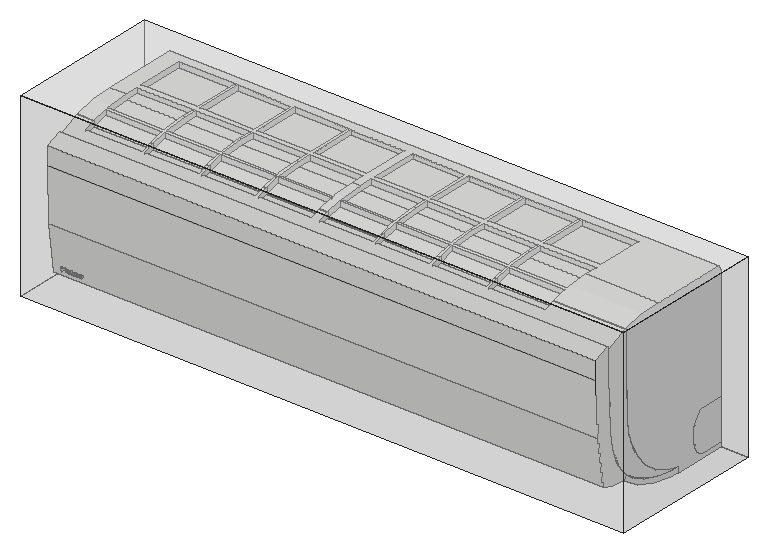
Revit family "outputfile", category 機械設備, Revit 2024
Family settings
  丸型コネクタ寸法 = 半径を使用
  パーツ タイプ = 標準
  OmniClass 番号 = 23.75.10.24.21.27.27
  OmniClass タイトル = Split System Air Conditioning Units
  作業面ベース = いいえ
  常に垂直 = はい
  ロード時にボイドで切り取り = いいえ
  注釈の向きを維持 = いいえ
  共有 = いいえ
  部屋計算ポイント = いいえ
Parameters (values of type "FTHF60VAVMV")
  Description = ""
  書き出し IFC クラス(タイプ) = "IfcUnitaryEquipmentType"
  定義済み IFC タイプ(タイプ) = "AIRCONDITIONINGUNIT"
  Cost = 0
  Type Comments = ""
  Keynote = ""
  Type Image = (empty or 0)
  Assembly Code = ""
  w_wall hole = 60.0 mm  # constant formula
  製造元 = "Daikin"
  モデル = "FTHF60VAVMV"
  switch_frequency = yes
  r_Liquid Pipe Size = Liquid Pipe Size / 2  # 3.2 mm
  r_Gas Pipe Size = Gas Pipe Size / 2  # 6.35 mm
  r_Drain Pipe Size = Drain Pipe Size / 2  # 8.0 mm
  lw_powersupply [instance] = if(or(Rear Right Connection_refrigerant, Bottom Right Connection_refrigerant), 80.0 mm, if(or(Rear Left Connection_refrigerant, Bottom Left Connection_refrigerant), 920.0 mm, 495.0 mm))  # 495.0 mm
  lw_liquidpipe [instance] = if(or(Rear Right Connection_refrigerant, Bottom Right Connection_refrigerant), 9.0 mm, if(or(Rear Left Connection_refrigerant, Bottom Left Connection_refrigerant), 871.0 mm, 475.0 mm))  # 475.0 mm
  lw_gaspipe [instance] = if(or(Rear Right Connection_refrigerant, Bottom Right Connection_refrigerant), 0.0 mm, if(or(Rear Left Connection_refrigerant, Bottom Left Connection_refrigerant), 880.0 mm, 400.0 mm))  # 400.0 mm
  lw_drainpipe [instance] = if(or(Rear Right Connection_refrigerant, Bottom Right Connection_refrigerant), 0.0 mm, if(or(Rear Left Connection_refrigerant, Bottom Left Connection_refrigerant), 880.0 mm, 435.0 mm))  # 435.0 mm
  l_powersupply_length [instance] = if(Right Connection_refrigerant, 495.0 mm, if(Left Connection_refrigerant, 495.0 mm, if(or(Rear Left Connection_refrigerant, Rear Right Connection_refrigerant), 15.0 mm, 50.0 mm)))  # 495.0 mm
  l_liquidpipe_length [instance] = if(Right Connection_refrigerant, 535.0 mm, if(Left Connection_refrigerant, 455.0 mm, if(or(Rear Left Connection_refrigerant, Rear Right Connection_refrigerant), 30.0 mm, 40.0 mm)))  # 535.0 mm
  l_gaspipe_length [instance] = if(Right Connection_refrigerant, 460.0 mm, if(Left Connection_refrigerant, 530.0 mm, if(or(Rear Left Connection_refrigerant, Rear Right Connection_refrigerant), 40.0 mm, 50.0 mm)))  # 460.0 mm
  l_drainpipe_length [instance] = if(Right Connection_refrigerant, 495.0 mm, if(Left Connection_refrigerant, 495.0 mm, if(or(Rear Left Connection_refrigerant, Rear Right Connection_refrigerant), 15.0 mm, 20.0 mm)))  # 495.0 mm
  h*** = 0.0 mm  # constant formula
  connector_voltage = Voltage_50Hz  # 230 V
  connector_powerinput = if([Power Input (Cooling)] > [Power Input (Heating)], [Power Input (Cooling)], [Power Input (Heating)])  # 0.000 kW
  connector_phase = Phase_50Hz  # 1
  angle_vertical [instance] = if(or(Bottom Left Connection_refrigerant, Bottom Right Connection_refrigerant), 0.00°, 90.00°)  # 90.00°
  angle_horizontal [instance] = if(Right Connection_refrigerant, 90.00°, if(Left Connection_refrigerant, -90.00°, if(or(Rear Left Connection_refrigerant, Rear Right Connection_refrigerant), 180.00°, 0.00°)))  # 90.00°
  Width = 990.0 mm
  Voltage_comment_50Hz = "220 - 240"
  Voltage_50Hz = 230 V
  Version = "ver.1.0"
  Unit Type = "Wall Mounted"
  Unit Mass Weight = 13.00 kg
  Unit Designation [instance] = ""
  Uniclass2015Version = "Products v1.30"
  Uniclass2015Title = "Split coil room air conditioning units"
  Uniclass2015Code = "Pr_70_65_03_86"
  URL = ""
  Total Heating Capacity [instance] = 0.000 kW
  Total Cooling Capacity [instance] = 0.000 kW
  Sound Pressure Level_M speed (dBA) = 41
  Sound Pressure Level_L speed (dBA) = 36
  Sound Pressure Level_H speed (dBA) = 44
  Sound Power Level_H speed (dB) = 0
  Series = "Single Split_Fan Coil Unit"
  Sensible Cooling Capacity [instance] = 0.000 kW
  Refrigerant Type = "R32"
  Power Input (Heating) = 0.000 kW
  Power Input (Cooling) = 0.000 kW
  Phase_50Hz = 1
  Option Accessory 3 [instance] = ""
  Option Accessory 2 [instance] = ""
  Option Accessory 1 [instance] = ""
  Nominal Heating Capacity = 6.000 kW
  Nominal Cooling Capacity = 6.000 kW
  Minimum Circuit Amps_50Hz = 0.0 A
  Minimum Airflow = 750.00 m³/h
  Median Airflow = 900.00 m³/h
  Maximum Fuse Amps_50Hz = 0.0 A
  Maximum Airflow = 1030.00 m³/h
  Material_Casing = DAIKIN_White_Casing_indoorunit
  Load Classification = HVAC
  Liquid Pipe Size = 6.4 mm
  Link_Nested Family [instance] = ""
  IfcVersion = ""
  IfcExportType = "AIRCONDITIONINGUNIT"
  IfcExportAs = "IfcUnitaryEquipmentType"
  Height = 295.0 mm
  Heating Entering Wet Bulb Temperature [instance] = -273.15 °C
  Heating Entering Dry Bulb Temperature [instance] = -273.15 °C
  Heating Ambient Wet Bulb Temperature [instance] = -273.15 °C
  Heating Ambient Dry Bulb Temperature [instance] = -273.15 °C
  Heat Exchanger Type = "Cross Fin Coil"
  Gas Pipe Size = 12.7 mm
  Frequency_50Hz = 50 Hz
  Fan Type = "Cross Flow Fan"
  Fan Drive = "Direct Drive"
  FCU Tag No. [instance] = ""
  Drain Pipe Size = 16.0 mm
  Design Supply Airflow [instance] = 0.00 m³/h
  Depth = 281.0 mm
  既定の高さ = 0.0 mm
  Cooling Entering Wet Bulb Temperature [instance] = 0.00 °C
  Cooling Entering Dry Bulb Temperature [instance] = 0.00 °C
  Cooling Ambient Wet Bulb Temperature [instance] = 0.00 °C
  Cooling Ambient Dry Bulb Temperature [instance] = 0.00 °C
  Clearance visibility [instance] = yes
  Clearance Top = 30.0 mm
  Clearance Right = 50.0 mm
  Clearance Rear = 0.0 mm
  Clearance Left = 50.0 mm
  Clearance Front = 0.0 mm
  Clearance Bottom = 0.0 mm
  Bottom Right Connection_refrigerant [instance] = no
  Bottom Left Connection_refrigerant [instance] = no
  Rear Right Connection_refrigerant [instance] = no
  Rear Left Connection_refrigerant [instance] = no
  Right Connection_refrigerant [instance] = yes
  Left Connection_refrigerant [instance] = no
Reference planes
  plane 1 "Back": y = 0
  plane 2: z = 0
  plane 3 "Center (Left/Right)": x = 0
  plane 4 "Center (Front/Back)": y = -140.5
  plane 5 "Front": y = -281
  plane 6 "Left": x = -495
  plane 7 "Right": x = 495
  plane 8 "Top": z = 0
  plane 9 "Bottom": z = -295
  plane 10: x = -545
  plane 11: x = 545
  plane 12: y = 0
  plane 13: y = -281
  plane 14: z = 30
  plane 15: z = -295
  plane 16 "lw_Piping and Wiring intake": x = 435
  plane 17 "lw_gaspipe": x = 35
  plane 18 "lw_liquidpipe": x = -40
  plane 19 "lw_drainpipe": x = 0
  plane 20 "lh_drainpipe": z = -275
  plane 21 "lh_liquidpipe": z = -255
  plane 22 "lh_gaspipe": z = -245
  plane 23 "ld_drainpipe": y = -15
  plane 24 "ld_liquidpipe": y = -30
  plane 25 "ld_gaspipe": y = -40
  plane 26 "lw_powersupply": x = 0
Dimensions and locks
  equal spacing: plane 6 "Left", plane 3 "Center (Left/Right)", plane 7 "Right"
  "Width": plane 6 "Left" to plane 7 "Right"
  equal spacing: plane 5 "Front", plane 4 "Center (Front/Back)", plane 1 "Back"
  "Depth": plane 5 "Front" to plane 1 "Back"
  "Height": plane 8 "Top" to plane 9 "Bottom"
  "Clearance Rear": plane 12 to plane 1 "Back"
  "Clearance Front": plane 13 to plane 5 "Front"
  "Clearance Top": plane 14 to plane 8 "Top"
  "Clearance Bottom": plane 9 "Bottom" to plane 15
  "w_wall hole": plane 16 "lw_Piping and Wiring intake" to plane 7 "Right"
  "lw_gaspipe": plane 17 "lw_gaspipe" to plane 16 "lw_Piping and Wiring intake"
  "lw_liquidpipe": plane 18 "lw_liquidpipe" to plane 16 "lw_Piping and Wiring intake"
  "lw_drainpipe": plane 19 "lw_drainpipe" to plane 16 "lw_Piping and Wiring intake"
  locked: plane 20 "lh_drainpipe" to plane 9 "Bottom" at 20
  locked: plane 21 "lh_liquidpipe" to plane 9 "Bottom" at 40
  locked: plane 22 "lh_gaspipe" to plane 9 "Bottom" at 50
  locked: plane 23 "ld_drainpipe" to plane 1 "Back" at 15
  locked: plane 1 "Back" to plane 24 "ld_liquidpipe" at 30
  locked: plane 1 "Back" to plane 25 "ld_gaspipe" at 40
  "lw_powersupply": plane 26 "lw_powersupply" to plane 7 "Right"
  "Clearance Right": plane 7 "Right" to plane 11
  "Clearance Left": plane 10 to plane 6 "Left"
  aligned and locked: level to plane 2
  aligned and locked: plane 12 to nested 1
  aligned and locked: nested 1 to plane 13
  aligned and locked: plane 10 to nested 1
  aligned and locked: plane 11 to nested 1
  aligned and locked: plane 15 to nested 1
  aligned and locked: plane 14 to nested 1
  aligned and locked: plane 17 "lw_gaspipe" to nested 2
  aligned and locked: nested 2 to plane 25 "ld_gaspipe"
  aligned and locked: plane 18 "lw_liquidpipe" to nested 3
  aligned and locked: nested 3 to plane 24 "ld_liquidpipe"
  aligned and locked: plane 19 "lw_drainpipe" to nested 4
  aligned and locked: nested 4 to plane 23 "ld_drainpipe"
  aligned and locked: nested 5 to plane 23 "ld_drainpipe"
  aligned and locked: plane 26 "lw_powersupply" to nested 5
  aligned and locked: level to plane 8 "Top"
  aligned and locked: plane 3 "Center (Left/Right)" to nested 6
  aligned and locked: plane 8 "Top" to nested 6
  aligned and locked: plane 1 "Back" to nested 6
Nested families
  nested 1: "daikin_clearancespace" at (0, -140.5, -132.381), show <- "Clearance visibility", visible <- "Clearance visibility", Link_Nested Family <- "Link_Nested Family", type "daikin_clearancespace"
    with width 1090.0 mm, show yes, height 325.0 mm, depth 281.0 mm, Link_Nested Family ""
  nested 2: "daikin_connector_rotate3" at (35, -40, -245), angle_vertical <- "angle_vertical", angle_horizontal <- "angle_horizontal", length <- "l_gaspipe_length", radius <- "r_Gas Pipe Size", type "daikin_connector_rotate3"
    with show no, radius 6.35 mm, length 460.0 mm, angle_vertical 90.00°, angle_horizontal 90.00°
  nested 3: "daikin_connector_rotate3" at (-40, -30, -255), angle_vertical <- "angle_vertical", angle_horizontal <- "angle_horizontal", radius <- "r_Liquid Pipe Size", length <- "l_liquidpipe_length", type "daikin_connector_rotate3"
    with show no, radius 3.2 mm, length 535.0 mm, angle_vertical 90.00°, angle_horizontal 90.00°
  nested 4: "daikin_connector_rotate3" at (0, -15, -275), angle_vertical <- "angle_vertical", angle_horizontal <- "angle_horizontal", length <- "l_drainpipe_length", radius <- "r_Drain Pipe Size", type "daikin_connector_rotate3"
    with show no, radius 8.0 mm, length 495.0 mm, angle_vertical 90.00°, angle_horizontal 90.00°
  nested 5: "daikin_connector_rotate3" at (0, -15, -245), angle_vertical <- "angle_vertical", angle_horizontal <- "angle_horizontal", length <- "l_powersupply_length", type "daikin_connector_rotate3"
    with show no, radius 10.0 mm, length 495.0 mm, angle_vertical 90.00°, angle_horizontal 90.00°
  nested 6: "DAIKIN_indoorunit_FTHF-VAVMV" at (-31, 0, 0), type "FTHF-VAVMV"
Connectors
  piping at (495, -40, -245), diameter 12.7, driven by "r_Gas Pipe Size"
    settings: on nested 2, index 1, connector inside diameter 609.6 mm, connector length 0.0 mm, flow factor 0, pipe flow 0.00 m³/h, pressure drop 0.0 Pa, fitting loss kfactor 0, connector angle 0.00°, fixture units 0, engagement length 0.0 mm, angle of deflection 0.00°, flow configuration 1, flow direction 2, fitting loss method 0, system type 29, joint type 0, gender type 0, connector reference index -1, connector utility 0, adjustable connector no, is connector primary yes, connector description "Refrigerant Gas Piping"
  piping at (495, -30, -255), diameter 6.4, driven by "r_Liquid Pipe Size"
    settings: on nested 3, index 2, connector inside diameter 609.6 mm, connector length 0.0 mm, flow factor 0, pipe flow 0.00 m³/h, pressure drop 0.0 Pa, fitting loss kfactor 0, connector angle 0.00°, fixture units 0, engagement length 0.0 mm, angle of deflection 0.00°, flow configuration 1, flow direction 1, fitting loss method 0, system type 29, joint type 0, gender type 0, connector reference index -1, connector utility 0, adjustable connector no, is connector primary no, connector description "Refrigerant Liquid Piping"
  piping at (495, -15, -275), diameter 16, driven by "r_Drain Pipe Size"
    settings: on nested 4, index 3, connector inside diameter 609.6 mm, connector length 0.0 mm, flow factor 0, pipe flow 0.00 m³/h, pressure drop 0.0 Pa, fitting loss kfactor 0, connector angle 0.00°, fixture units 0, engagement length 0.0 mm, angle of deflection 0.00°, flow configuration 1, flow direction 2, fitting loss method 4, system type 16, joint type 0, gender type 0, connector reference index -1, connector utility 0, adjustable connector no, is connector primary no, connector description "Condensate Drain Piping"
  electrical at (495, -15, -245), driven by "Load Classification", driven by "connector_phase", driven by "connector_powerinput", driven by "connector_voltage"
    settings: on nested 5, index 4, voltage 230 V, apparent load 0 VA, apparent load phase1 0 VA, apparent load phase2 0 VA, apparent load phase3 0 VA, power factor 1, load classification "HVAC", number of poles 1, system type 30, power factor state 1, is connector primary yes, connector utility no, sub classification motor no, connector description "Power Supply"
Definition of nested family "daikin_clearancespace"
  Parameters (values of type "daikin_clearancespace")
    Description = "daikin_clearancespace"
    width [instance] = 1823.963 mm
    show [instance] = yes
    material = none
    height [instance] = 1359.762 mm
    depth [instance] = 880.0 mm
    Default Elevation = 0.0 mm
    Link_Nested Family [instance] = ""
  Reference planes
    plane 1 "Center (Front/Back)": y = 0
    plane 2 "Center (Elevation)": z = -0.119
    plane 3 "Center (Left/Right)": x = 0
    plane 4: y = 440
    plane 5: y = -440
    plane 6 "Right": x = 911.982
    plane 7 "Left": x = -911.982
    plane 8 "Top": z = 679.762
    plane 9 "Bottom": z = -680
  Forms (mm)
    Extrusion 1, solid, material <- "material", visible <- "show"
      sketch origin (0, 0, 0) x (1, 0, 0) y (0, 1, 0)
        loop
          line (-911.982, 440) -> (-911.982, -440) -> (911.982, -440) -> (911.982, 440) -> (-911.982, 440)
      from -680 to 679.762
  Lines and regions (mm)
    symbolic lines, visible <- "show"
      curve 1: line (911.982, 440, 0) -> (-911.982, 440, 0)
      curve 2: line (-911.982, 440, 0) -> (-911.982, -440, 0)
      curve 3: line (-911.982, -440, 0) -> (911.982, -440, 0)
      curve 4: line (911.982, -440, 0) -> (911.982, 440, 0)
      curve 5: line (911.982, 0, 679.762) -> (-911.982, 0, 679.762)
      curve 6: line (911.982, 0, -680) -> (911.982, 0, 679.762)
      curve 7: line (-911.982, 0, -680) -> (911.982, 0, -680)
      curve 8: line (-911.982, 0, 679.762) -> (-911.982, 0, -680)
      curve 9: line (0, 440, 679.762) -> (0, -440, 679.762)
      curve 10: line (0, -440, 679.762) -> (0, -440, -680)
      curve 11: line (0, 440, -680) -> (0, 440, 679.762)
      curve 12: line (0, -440, -680) -> (0, 440, -680)
  Dimensions and locks
    "width": plane 7 "Left" to plane 6 "Right"
    "depth": plane 4 to plane 5
    "height": plane 8 "Top" to plane 9 "Bottom"
    equal spacing: plane 7 "Left", plane 3 "Center (Left/Right)", plane 6 "Right"
    equal spacing: plane 4, plane 1 "Center (Front/Back)", plane 5
    equal spacing: plane 8 "Top", plane 2 "Center (Elevation)", plane 9 "Bottom"
    aligned and locked: level to plane 2 "Center (Elevation)"
    aligned and locked: Extrusion 1 sketch curve to plane 4
    aligned and locked: plane 7 "Left" to Extrusion 1 sketch curve
    aligned and locked: Extrusion 1 sketch curve to plane 5
    aligned and locked: Extrusion 1 sketch curve to plane 6 "Right"
    aligned and locked: plane 8 "Top" to Extrusion 1
    aligned and locked: curve 1 to Extrusion 1
    aligned and locked: curve 2 to Extrusion 1
    aligned and locked: curve 3 to Extrusion 1
    aligned and locked: curve 4 to Extrusion 1
    aligned and locked: curve 5 to Extrusion 1
    aligned and locked: curve 6 to Extrusion 1
    aligned and locked: curve 7 to Extrusion 1
    aligned and locked: curve 8 to Extrusion 1
    aligned and locked: curve 9 to Extrusion 1
    aligned and locked: curve 10 to Extrusion 1
    aligned and locked: curve 11 to Extrusion 1
    aligned and locked: curve 12 to Extrusion 1
    aligned and locked: Extrusion 1 to plane 9 "Bottom"
Definition of nested family "DAIKIN_indoorunit_FTHF-VAVMV"
  Parameters (values of type "FTHF-VAVMV")
    Width = 990.0 mm
    Material_Casing = none
    Height = 295.0 mm
    Default Elevation = 0.0 mm
  Reference planes
    plane 1 "Center (Front/Back)": y = 0
    plane 2 "reference_level": z = 0
    plane 3 "Center (Left/Right)": x = 31
    plane 4: x = -464
    plane 5: x = 526
    plane 6: y = -281
    plane 7: z = -295
  Forms (mm)
    Extrusion 1, solid, material <- "Material_Casing"
      sketch origin (31, 0, 0) x (0, 1, 0) y (0, 0, 1)
        loop
          line (-219.505, -253.208) -> (-214.063, -245.993)
          arc (-214.063, -245.993) -> (-226.305, -232.688) -> (-235.972, -217.41) r 100.737
          arc (-235.972, -217.41) -> (-246.359, -189.681) -> (-251.069, -160.448) r 149.292
          arc (-251.069, -160.448) -> (-253.267, -112.746) -> (-254, -65) r 1555.387
          line (-254, -65) -> (-254, -22.209) -> (-280.96, -32.522) -> (-281, -65.309)
          arc (-281, -65.309) -> (-280.275, -112.896) -> (-278.119, -160.439) r 1582.495
          arc (-278.119, -160.439) -> (-274.11, -202.042) -> (-267, -243.228) r 558.201
          arc (-267, -243.228) -> (-249.058, -250.67) -> (-229.801, -253.208) r 74.313
          line (-229.801, -253.208) -> (-219.505, -253.208)
      from -495 to 495
    Extrusion 2, solid, material <- "Material_Casing"
      sketch origin (31, 0, 0) x (0, 1, 0) y (0, 0, 1)
        loop
          arc (-100.5, -284.747) -> (-179.919, -239.801) -> (-212.343, -154.5) r 134.438
          arc (-212.343, -154.5) -> (-213.586, -109.758) -> (-214, -65) r 2418.229
          line (-214, -65) -> (-214, -20.481)
          arc (-214, -20.481) -> (-233.83, -27.507) -> (-253, -36.176) r 250
          line (-253, -36.176) -> (-253, -65)
          arc (-253, -65) -> (-252.267, -112.716) -> (-250.07, -160.386) r 1554.382
          arc (-250.07, -160.386) -> (-245.365, -189.53) -> (-234.983, -217.165) r 148.387
          arc (-234.983, -217.165) -> (-218.057, -240.73) -> (-195.079, -258.444) r 100
          arc (-195.079, -258.444) -> (-149.468, -277.868) -> (-100.5, -285.595) r 201.939
          line (-100.5, -285.595) -> (-100.5, -284.747)
      from -495 to 495
    Extrusion 3, solid, material <- "Material_Casing"
      sketch origin (31, 0, 0) x (0, 1, 0) y (0, 0, 1)
        loop
          arc (-214, -65) -> (-213.586, -109.758) -> (-212.343, -154.5) r 2418.229
          arc (-212.343, -154.5) -> (-178.254, -241.703) -> (-95.5, -285.502) r 134.438
          line (-95.5, -285.502) -> (-95.5, -295) -> (0, -295) -> (0, -9) -> (-140.5, -9)
          arc (-140.5, -9) -> (-177.696, -11.888) -> (-214, -20.481) r 241
          line (-214, -20.481) -> (-214, -65)
      from -495 to 495
    Extrusion 4, solid, material <- "Material_Casing"
      sketch origin (31, 0, 0) x (0, 1, 0) y (0, 0, 1)
        loop
          line (-213.317, -246.664) -> (-219.196, -254.466)
          arc (-219.196, -254.466) -> (-168.535, -282.168) -> (-112.23, -294.964) r 209.168
          arc (-112.23, -294.964) -> (-111.806, -294.991) -> (-111.381, -295) r 10
          line (-111.381, -295) -> (-96.5, -295) -> (-96.5, -286) -> (-111.136, -286)
          arc (-111.136, -286) -> (-154.838, -277.36) -> (-195.568, -259.316) r 201.22
          arc (-195.568, -259.316) -> (-204.785, -253.47) -> (-213.317, -246.664) r 101
      from 445 to 495
    Extrusion 5, solid, material <- "Material_Casing"
      sketch origin (-464, 2327.908, 1200) x (0, 1, 0) y (0, 0, 1)
        loop
          line (-2541.225, -1446.664) -> (-2547.104, -1454.466)
          arc (-2547.104, -1454.466) -> (-2496.443, -1482.168) -> (-2440.138, -1494.964) r 209.168
          arc (-2440.138, -1494.964) -> (-2439.714, -1494.991) -> (-2439.289, -1495) r 10
          line (-2439.289, -1495) -> (-2424.408, -1495) -> (-2424.408, -1486) -> (-2439.044, -1486)
          arc (-2439.044, -1486) -> (-2482.746, -1477.36) -> (-2523.476, -1459.316) r 201.22
          arc (-2523.476, -1459.316) -> (-2532.693, -1453.47) -> (-2541.225, -1446.664) r 101
      from 0 to 45
    Extrusion 6, solid, material <- "Material_Casing"
      sketch origin (31, 0, 0) x (0, 1, 0) y (0, 0, 1)
        loop
          line (-213.317, -246.664) -> (-219.196, -254.466)
          arc (-219.196, -254.466) -> (-168.535, -282.168) -> (-112.23, -294.964) r 209.168
          arc (-112.23, -294.964) -> (-111.806, -294.991) -> (-111.381, -295) r 10
          line (-111.381, -295) -> (-96.5, -295) -> (-96.5, -286) -> (-111.136, -286)
          arc (-111.136, -286) -> (-154.838, -277.36) -> (-195.568, -259.316) r 201.22
          arc (-195.568, -259.316) -> (-204.785, -253.47) -> (-213.317, -246.664) r 101
      from 348 to 444
    Extrusion 7, solid, material <- "Material_Casing"
      sketch origin (31, 0, 0) x (0, 1, 0) y (0, 0, 1)
        loop
          line (-213.317, -246.664) -> (-219.196, -254.466)
          arc (-219.196, -254.466) -> (-180.878, -277.039) -> (-138.653, -291) r 209.168
          line (-138.653, -291) -> (-132.632, -283.01)
          arc (-132.632, -283.01) -> (-165.097, -273.811) -> (-195.568, -259.316) r 201.22
          arc (-195.568, -259.316) -> (-204.785, -253.47) -> (-213.317, -246.664) r 101
      from -442 to 343
    Extrusion 8, solid, material <- "Material_Casing"
      sketch origin (31, 0, 0) x (0, 1, 0) y (0, 0, 1)
        loop
          arc (-214, -11.049) -> (-233.83, -18.074) -> (-253, -26.743) r 250
          line (-253, -26.743) -> (-253, -36.176)
          arc (-253, -36.176) -> (-233.83, -27.507) -> (-214, -20.481) r 250
          line (-214, -20.481) -> (-214, -11.049)
      from -495 to 495
    Extrusion 9, solid, material <- "Material_Casing"
      sketch origin (31, 0, 0) x (0, 1, 0) y (0, 0, 1)
        loop
          arc (-140.5, 0) -> (-177.663, -2.778) -> (-214, -11.049) r 250
          line (-214, -11.049) -> (-214, -20.481)
          arc (-214, -20.481) -> (-177.696, -11.888) -> (-140.5, -9) r 241
          line (-140.5, -9) -> (0, -9) -> (-5, 0) -> (-140.5, 0)
      from -495 to 495
    Extrusion 10, void
      sketch origin (0, 0, 0) x (1, 0, 0) y (0, 1, 0)
        loop
          line (-434.288, -22.7) -> (-434.288, -107.9) -> (-332.288, -107.9) -> (-332.288, -22.7) -> (-434.288, -22.7)
        loop
          line (-332.288, -116.9) -> (-434.288, -116.9) -> (-434.288, -183.4) -> (-332.288, -183.4) -> (-332.288, -116.9)
        loop
          line (-332.288, -187.9) -> (-434.288, -187.9) -> (-434.288, -231.9) -> (-332.288, -231.9) -> (-332.288, -187.9)
        loop
          line (-328.088, -22.7) -> (-328.088, -107.9) -> (-229.888, -107.9) -> (-229.888, -22.7) -> (-328.088, -22.7)
        loop
          line (-229.888, -116.9) -> (-328.088, -116.9) -> (-328.088, -183.4) -> (-229.888, -183.4) -> (-229.888, -116.9)
        loop
          line (-229.888, -187.9) -> (-328.088, -187.9) -> (-328.088, -231.9) -> (-229.888, -231.9) -> (-229.888, -187.9)
        loop
          line (-225.688, -22.7) -> (-225.688, -107.9) -> (-127.488, -107.9) -> (-127.488, -22.7) -> (-225.688, -22.7)
        loop
          line (-127.488, -116.9) -> (-225.688, -116.9) -> (-225.688, -183.4) -> (-127.488, -183.4) -> (-127.488, -116.9)
        loop
          line (-127.488, -187.9) -> (-225.688, -187.9) -> (-225.688, -231.9) -> (-127.488, -231.9) -> (-127.488, -187.9)
        loop
          line (-123.288, -22.7) -> (-123.288, -107.9) -> (-26.288, -107.9) -> (-26.288, -22.7) -> (-123.288, -22.7)
        loop
          line (-26.288, -116.9) -> (-123.288, -116.9) -> (-123.288, -183.4) -> (-26.288, -183.4) -> (-26.288, -116.9)
        loop
          line (-26.288, -187.9) -> (-123.288, -187.9) -> (-123.288, -231.9) -> (-26.288, -231.9) -> (-26.288, -187.9)
        loop
          line (395.712, -22.7) -> (293.712, -22.7) -> (293.712, -107.9) -> (395.712, -107.9) -> (395.712, -22.7)
        loop
          line (293.712, -116.9) -> (293.712, -183.4) -> (395.712, -183.4) -> (395.712, -116.9) -> (293.712, -116.9)
        loop
          line (293.712, -187.9) -> (293.712, -231.9) -> (395.712, -231.9) -> (395.712, -187.9) -> (293.712, -187.9)
        loop
          line (289.512, -22.7) -> (191.312, -22.7) -> (191.312, -107.9) -> (289.512, -107.9) -> (289.512, -22.7)
        loop
          line (191.312, -116.9) -> (191.312, -183.4) -> (289.512, -183.4) -> (289.512, -116.9) -> (191.312, -116.9)
        loop
          line (191.312, -187.9) -> (191.312, -231.9) -> (289.512, -231.9) -> (289.512, -187.9) -> (191.312, -187.9)
        loop
          line (187.112, -22.7) -> (88.912, -22.7) -> (88.912, -107.9) -> (187.112, -107.9) -> (187.112, -22.7)
        loop
          line (88.912, -116.9) -> (88.912, -183.4) -> (187.112, -183.4) -> (187.112, -116.9) -> (88.912, -116.9)
        loop
          line (88.912, -187.9) -> (88.912, -231.9) -> (187.112, -231.9) -> (187.112, -187.9) -> (88.912, -187.9)
        loop
          line (84.712, -22.7) -> (-12.288, -22.7) -> (-12.288, -107.9) -> (84.712, -107.9) -> (84.712, -22.7)
        loop
          line (-12.288, -116.9) -> (-12.288, -183.4) -> (84.712, -183.4) -> (84.712, -116.9) -> (-12.288, -116.9)
        loop
          line (-12.288, -187.9) -> (-12.288, -231.9) -> (84.712, -231.9) -> (84.712, -187.9) -> (-12.288, -187.9)
      from -47.376 to 34.635
    Extrusion 11, solid, material <- "Material_Casing"
      sketch origin (31, 0, 0) x (0, 1, 0) y (0, 0, 1)
        loop
          line (0, -287) -> (0, -214.4) -> (-35.8, -214.4)
          arc (-35.8, -214.4) -> (-52.771, -221.429) -> (-59.8, -238.4) r 24
          line (-59.8, -238.4) -> (-59.8, -263)
          arc (-59.8, -263) -> (-52.771, -279.971) -> (-35.8, -287) r 24
          line (-35.8, -287) -> (0, -287)
      from 490 to 495
    Extrusion 12, solid, material <- "Material_Casing"
      sketch origin (-954, 0, 0) x (0, 1, 0) y (0, 0, 1)
        loop
          line (0, -287) -> (0, -214.4) -> (-35.8, -214.4)
          arc (-35.8, -214.4) -> (-52.771, -221.429) -> (-59.8, -238.4) r 24
          line (-59.8, -238.4) -> (-59.8, -263)
          arc (-59.8, -263) -> (-52.771, -279.971) -> (-35.8, -287) r 24
          line (-35.8, -287) -> (0, -287)
      from 490 to 495
    Extrusion 13, solid, material <- "Material_Casing"
      sketch origin (0, 0, 0) x (1, 0, 0) y (0, 0, 1)
        loop
          circle (-416, -250.5) r 40
        loop
          circle (466, -250.5) r 40
      from 0 to 5
    Extrusion 14, solid, material <- "Material_Casing"
      sketch origin (4267.2, -957.059, -295) x (0, -1, 0) y (1, 0, 0)
        loop
          line (-957.059, -4705) -> (-921.259, -4705)
          arc (-921.259, -4705) -> (-904.289, -4697.971) -> (-897.259, -4681) r 24
          line (-897.259, -4681) -> (-897.259, -4656.4)
          arc (-897.259, -4656.4) -> (-904.289, -4639.429) -> (-921.259, -4632.4) r 24
          line (-921.259, -4632.4) -> (-957.059, -4632.4) -> (-957.059, -4705)
        loop
          line (-957.059, -3840) -> (-921.259, -3840)
          arc (-921.259, -3840) -> (-904.289, -3832.971) -> (-897.259, -3816) r 24
          line (-897.259, -3816) -> (-897.259, -3791.4)
          arc (-897.259, -3791.4) -> (-904.289, -3774.429) -> (-921.259, -3767.4) r 24
          line (-921.259, -3767.4) -> (-957.059, -3767.4) -> (-957.059, -3840)
      from 0 to 5
  Cuts and joins
    Extrusion 10 cuts Extrusion 9
    joined: Extrusion 3, Extrusion 9
    Extrusion 10 cuts Extrusion 8
    joined: Extrusion 2, Extrusion 8
  Dimensions and locks
    plane 4 to plane 5 = 990.0 mm
    plane 4 to plane 3 "Center (Left/Right)" to plane 5 = 495.0 mm, 495.0 mm
    plane 6 to plane 1 "Center (Front/Back)" = 281.0 mm
    level to plane 7 = 295.0 mm
    locked: nested 1 to plane 4 at 15
    locked: Extrusion 13 sketch curve to plane 4 at 48
    locked: plane 5 to Extrusion 13 sketch curve at 60
    locked: Extrusion 13 sketch curve to plane 7 at 44.5  (x2)
    radius of Extrusion 13 sketch curve = 40.0 mm  (x2)
    aligned and locked: level to plane 2 "reference_level"
  Nested families
    nested 1: "daikin_logo_plane_w40" at (-430, -268.859, -227.4) x (1, 0, 0) z (0, -0.9839, -0.1789), type "daikin_logo_plane_w40"
      with show_logo yes
  Definition of nested family "daikin_logo_plane_w40"
    Parameters (values of type "daikin_logo_plane_w40")
      width = 40.0 mm
      show_logo [instance] = yes
      material = none
      height = 0.0 mm
      depth = 0.0 mm
      Default Elevation = 1219.2 mm
    Reference planes
      plane 1 "Center (Front/Back)": y = 0
      plane 2: z = 0
      plane 3 "Center (Left/Right)": x = 0
      plane 4: z = 2
      plane 5 "left": x = -19
      plane 6: x = 19
    Forms (mm)
      Extrusion 1, solid, visible <- "show_logo"
        sketch origin (-19, 0, 0) x (1, 0, 0) y (0, 1, 0)
          loop
            line (8.902, -1.878) -> (7.789, -6.332) -> (11.13, -6.332)
            arc (11.13, -6.332) -> (12.454, -6.064) -> (13.472, -5.176) r 2.642
            arc (13.472, -5.176) -> (13.92, -4.02) -> (13.767, -2.79) r 2.537
            arc (13.767, -2.79) -> (13.452, -2.342) -> (12.982, -2.06) r 1.321
            arc (12.982, -2.06) -> (12.063, -1.902) -> (11.13, -1.878) r 6.479
            line (11.13, -1.878) -> (8.902, -1.878)
          loop
            line (10.016, -5.441) -> (10.907, -5.441)
            arc (10.907, -5.441) -> (11.591, -4.983) -> (11.988, -4.261) r 1.742
            spline (11.988, -4.261) -> (12.01, -4.155) -> (12.027, -4.03) -> (12.037, -3.893) -> (12.037, -3.747) -> (12.026, -3.598) -> (12.002, -3.451) -> (11.962, -3.31) -> (11.905, -3.181) -> (11.829, -3.069) -> (11.731, -2.978) -> (11.61, -2.913) -> (11.464, -2.88)
            line (11.464, -2.88) -> (10.573, -2.88) -> (10.016, -5.441)
          loop
            line (13.58, -6.332) -> (14.805, -6.332) -> (15.223, -5.553) -> (16.977, -5.553) -> (17.144, -6.332) -> (19.149, -6.332) -> (18.258, -1.878) -> (16.03, -1.878) -> (13.58, -6.332)
          loop
            line (16.476, -3.214) -> (15.76, -4.551) -> (16.762, -4.551) -> (16.476, -3.214)
          loop
            line (19.705, -6.332) -> (21.599, -6.332) -> (22.712, -1.878) -> (20.819, -1.878) -> (19.705, -6.332)
          loop
            line (22.712, -6.332) -> (24.606, -6.332) -> (24.908, -5.122) -> (25.831, -6.332) -> (28.17, -6.332) -> (26.388, -3.994) -> (28.949, -1.878) -> (26.945, -1.878) -> (25.401, -3.153) -> (25.719, -1.878) -> (23.826, -1.878) -> (22.712, -6.332)
          loop
            line (29.84, -1.878) -> (28.615, -6.332) -> (30.62, -6.332) -> (31.734, -1.878) -> (29.84, -1.878)
          loop
            line (31.734, -6.332) -> (33.07, -6.332) -> (33.7, -3.814) -> (34.518, -6.332) -> (36.745, -6.332) -> (37.859, -1.878) -> (36.523, -1.878) -> (35.845, -4.589) -> (34.963, -1.878) -> (32.847, -1.878) -> (31.734, -6.332)
        from 0 to 2
      Extrusion 2, solid, visible <- "show_logo"
        sketch origin (-19, 0, 0) x (1, 0, 0) y (0, 1, 0)
          loop
            line (8.7, 0) -> (4.235, 0) -> (0, -3.879) -> (0, -8) -> (8.7, 0)
        from 0 to 2
      Extrusion 3, solid, visible <- "show_logo"
        sketch origin (-19, 0, 0) x (1, 0, 0) y (0, 1, 0)
          loop
            line (0, 0) -> (0, -3.879) -> (4.235, 0) -> (0, 0)
        from 0 to 2
    Dimensions and locks
      plane 4 to plane 2 = 2.0 mm
      equal spacing: plane 5 "left", plane 3 "Center (Left/Right)", plane 6
      locked: plane 5 "left" to plane 6 at 38
      aligned and locked: level to plane 2
      aligned and locked: Extrusion 3 to plane 1 "Center (Front/Back)"  (x2)
      aligned and locked: Extrusion 2 to plane 1 "Center (Front/Back)"  (x2)
      aligned and locked: plane 4 to Extrusion 1
      aligned and locked: plane 4 to Extrusion 3
      aligned and locked: plane 4 to Extrusion 2
      aligned and locked: Extrusion 3 to plane 5 "left"
      aligned and locked: Extrusion 2 to plane 5 "left"
    Automatic sketch dimensions
      Extrusion 1 sketch curve to Extrusion 1 sketch curve = 0.901 mm
      Extrusion 1 sketch curve to Extrusion 1 sketch curve = 1.559 mm
      Extrusion 1 sketch curve to Extrusion 1 sketch curve = 1.327 mm
      Extrusion 1 sketch curve to Extrusion 1 sketch curve = 2.145 mm
      Extrusion 1 sketch curve to Extrusion 1 sketch curve = 1.448 mm
      Extrusion 1 sketch curve to Extrusion 1 sketch curve = 2.116 mm
      Extrusion 1 sketch curve to Extrusion 1 sketch curve = 1.114 mm  (x4)
      Extrusion 1 sketch curve to Extrusion 1 sketch curve = 1.336 mm  (x2)
      plane 1 "Center (Front/Back)" to Extrusion 1 sketch curve = 1.878 mm  (x5)
      Extrusion 1 sketch curve to Extrusion 1 sketch curve = 1.893 mm  (x5)
      Extrusion 1 sketch curve to Extrusion 1 sketch curve = 0.891 mm  (x4)
      Extrusion 1 sketch curve to Extrusion 1 sketch curve = 2.005 mm  (x3)
      Extrusion 1 sketch curve to Extrusion 1 sketch curve = 0.445 mm  (x2)
      plane 1 "Center (Front/Back)" to Extrusion 1 sketch curve = 3.994 mm
      Extrusion 1 sketch curve to Extrusion 1 sketch curve = 0.557 mm  (x2)
      Extrusion 1 sketch curve to Extrusion 1 sketch curve = 2.339 mm  (x2)
      Extrusion 1 sketch curve to Extrusion 1 sketch curve = 1.225 mm  (x3)
      plane 1 "Center (Front/Back)" to Extrusion 1 sketch curve = 3.153 mm
      Extrusion 1 sketch curve to Extrusion 1 sketch curve = 0.987 mm
      plane 1 "Center (Front/Back)" to Extrusion 1 sketch curve = 5.122 mm
      Extrusion 1 sketch curve to Extrusion 1 sketch curve = 0.922 mm
      plane 1 "Center (Front/Back)" to Extrusion 1 sketch curve = 6.332 mm
      Extrusion 1 sketch curve to Extrusion 1 sketch curve = 2.562 mm
      plane 1 "Center (Front/Back)" to Extrusion 1 sketch curve = 5.553 mm
      Extrusion 1 sketch curve to Extrusion 1 sketch curve = 0.167 mm
      Extrusion 1 sketch curve to Extrusion 1 sketch curve = 0.215 mm
      plane 1 "Center (Front/Back)" to Extrusion 1 sketch curve = 3.214 mm
      Extrusion 1 sketch curve to Extrusion 1 sketch curve = 0.286 mm
      plane 1 "Center (Front/Back)" to Extrusion 1 sketch curve = 4.551 mm
      Extrusion 1 sketch curve to Extrusion 1 sketch curve = 1.002 mm
      Extrusion 1 sketch curve to Extrusion 1 sketch curve = 0.537 mm
      Extrusion 1 sketch curve to Extrusion 1 sketch curve = 0.418 mm
      Extrusion 1 sketch curve to Extrusion 1 sketch curve = 1.028 mm
      plane 1 "Center (Front/Back)" to Extrusion 1 sketch curve = 4.261 mm
      Extrusion 1 sketch curve to Extrusion 1 sketch curve = 0.563 mm
      plane 1 "Center (Front/Back)" to Extrusion 1 sketch curve = 2.88 mm
      Extrusion 1 sketch curve to Extrusion 1 sketch curve = 1.088 mm
      Extrusion 1 sketch curve to Extrusion 1 sketch curve = 2.152 mm
      Extrusion 1 sketch curve to Extrusion 1 sketch curve = 0.586 mm
      Extrusion 1 sketch curve to Extrusion 1 sketch curve = 0.118 mm
      Extrusion 1 sketch curve to Extrusion 1 sketch curve = 0.298 mm
      Extrusion 1 sketch curve to Extrusion 1 sketch curve = 0.334 mm
      Extrusion 1 sketch curve to Extrusion 1 sketch curve = 0.223 mm
      Extrusion 1 sketch curve to Extrusion 1 sketch curve = 0.266 mm
      Extrusion 1 sketch curve to Extrusion 1 sketch curve = 1.671 mm
      Extrusion 1 sketch curve to Extrusion 1 sketch curve = 2.227 mm
      Extrusion 1 sketch curve to Extrusion 1 sketch curve = 0.0 mm  (x7)
      Extrusion 1 sketch curve to Extrusion 1 sketch curve = 3.453 mm
      Extrusion 1 sketch curve to Extrusion 1 sketch curve = 2.017 mm
      Extrusion 1 sketch curve to Extrusion 1 sketch curve = 0.78 mm  (x2)
      Extrusion 1 sketch curve to Extrusion 1 sketch curve = 1.743 mm
      Extrusion 1 sketch curve to Extrusion 1 sketch curve = 0.775 mm
      Extrusion 1 sketch curve to Extrusion 1 sketch curve = 0.552 mm
      Extrusion 1 sketch curve to Extrusion 1 sketch curve = 0.014 mm
      Extrusion 1 sketch curve to Extrusion 1 sketch curve = 0.952 mm
      Extrusion 1 sketch curve to Extrusion 1 sketch curve = 1.215 mm
      Extrusion 1 sketch curve to Extrusion 1 sketch curve = 0.108 mm
      plane 1 "Center (Front/Back)" to Extrusion 2 sketch curve = 0.0 mm
      Extrusion 2 sketch curve to plane 3 "Center (Left/Right)" = 19.0 mm
      Extrusion 2 sketch curve to plane 3 "Center (Left/Right)" = 14.765 mm
      Extrusion 2 sketch curve to Extrusion 2 sketch curve = 4.465 mm
      plane 1 "Center (Front/Back)" to Extrusion 2 sketch curve = 3.879 mm
      Extrusion 2 sketch curve to Extrusion 2 sketch curve = 4.12 mm
      plane 1 "Center (Front/Back)" to Extrusion 3 sketch curve = 0.0 mm
      Extrusion 3 sketch curve to plane 3 "Center (Left/Right)" = 19.0 mm
      Extrusion 3 sketch curve to plane 3 "Center (Left/Right)" = 14.765 mm
      plane 1 "Center (Front/Back)" to Extrusion 3 sketch curve = 3.879 mm
      Extrusion 1 sketch curve to plane 3 "Center (Left/Right)" = 11.211 mm
      Extrusion 1 sketch curve to Extrusion 1 sketch curve = 1.782 mm
Definition of nested family "daikin_connector_rotate3"
  Parameters (values of type "daikin_connector_rotate3")
    show [instance] = yes
    radius [instance] = 10.0 mm
    length [instance] = 600.0 mm
    angle_horizontal [instance] = 60.00°
    angle_vertical [instance] = 90.00°
    Default Elevation = 1219.2 mm
  Reference planes
    plane 1 "Center (Front/Back)": y = 0
    plane 2: z = 0
    plane 3 "Center (Left/Right)": x = 0
  Dimensions and locks
    "angle_horizontal": angle plane 3 "Center (Left/Right)" to nested 1
    aligned and locked: level to plane 2
    aligned and locked: plane 1 "Center (Front/Back)" to nested 1  (x2)
    aligned and locked: plane 3 "Center (Left/Right)" to nested 1
  Nested families
    nested 1: "daikin_connector_rotate2" at (0, 0, 0) x (0.5, 0.866, 0) z (0, 0, 1), angle_vertical <- "angle_vertical", length <- "length", radius <- "radius", type "daikin_connector_rotate2"
      with radius 10.0 mm, length 600.0 mm, angle_vertical 90.00°
  Definition of nested family "daikin_connector_rotate2"
    Parameters (values of type "daikin_connector_rotate2")
      show_face = yes
      radius [instance] = 10.0 mm
      length [instance] = 600.0 mm
      d_surface = 10.0 mm
      angle_vertical [instance] = 90.00°
      Default Elevation = 0.0 mm
    Reference planes
      plane 1 "Center (Front/Back)": y = 0
      plane 2: z = 0
      plane 3 "Center (Left/Right)": x = 0
    Forms (mm)
      Extrusion 1, solid, visible <- "show_face"
        sketch origin (0, -600, 0) x (1, 0, 0) y (0, 0, 1)
          loop
            circle (0, 0) r 10
        from 0 to -10
    Lines and regions (mm)
      reference lines
        curve 1: line (0, 0, 0) -> (0, -600, 0)
      symbolic lines
        curve 2: circle (0, 0, 0) r 5 normal (0, 0, 1)
      model lines, visible <- "show_face"
        curve 3: line (0, 0, 0) -> (0, -600, 0)
    Dimensions and locks
      "length": curve 1 to curve 1
      "length": curve 3 to curve 3
      "d_surface": Extrusion 1 to Extrusion 1
      "radius": radius of Extrusion 1 sketch curve
      "angle_vertical": angle curve 1 to plane 1 "Center (Front/Back)"
      "angle_vertical": angle curve 3 to plane 1 "Center (Front/Back)"
      aligned and locked: level to plane 2
      aligned and locked: plane 1 "Center (Front/Back)" to curve 1
      aligned and locked: plane 2 to curve 1
      aligned and locked: plane 1 "Center (Front/Back)" to curve 2
      aligned and locked: plane 3 "Center (Left/Right)" to curve 2
      aligned and locked: plane 1 "Center (Front/Back)" to curve 3
      aligned and locked: plane 2 to curve 3
      aligned and locked: Extrusion 1 to Extrusion 1
    Automatic sketch dimensions
      Extrusion 1 sketch curve to level = 0.0 mm
      Extrusion 1 sketch curve to plane 3 "Center (Left/Right)" = 0.0 mm
      radius of curve 2 = 5.0 mm
